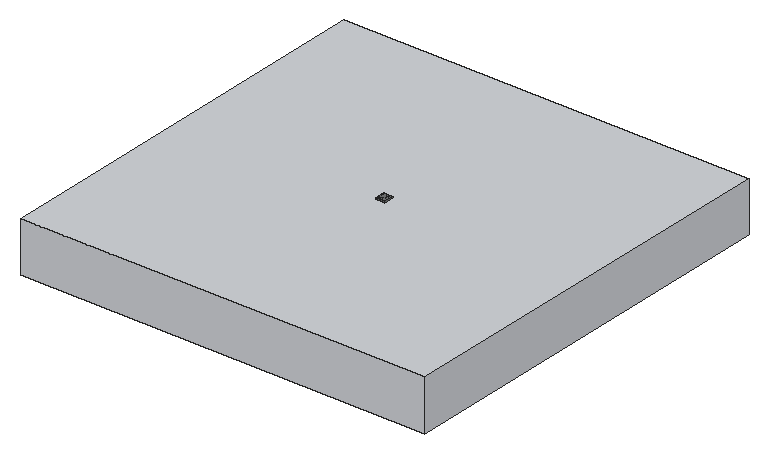
Revit family "Gira_213326", category Elektroinstallationen, Revit 2017
Family settings
  Basisbauteil = Fläche
  Beschriftungsausrichtung beibehalten = Nein
  Bemaßung runder Anschluss = Durchmesser verwenden
  Teiletyp = Normal
  Beim Laden mit Abzugskörper schneiden = Nein
  Gemeinsam genutzt = Nein
  Raumberechnungspunkt = Nein
Parameters
  With label area = no
  With heating = no
  With exchangeable lens/symbol = no
  With DCF77 = no
  Weather station = no
  Utilization = "Switch/push button"
  URL = "https://www.gira.de/"
  Typname = "Rocker set 3-g in.sp. System 55 clear/c.alum."
  Type of fastening = "Clamp mounting"
  Transparent = no
  Surface protection = "Other"
  Surface finishing = "Not applicable"
  Suitable for touch sensor connector for bus system = no
  Suitable for degree of protection (IP) = "IP20"
  Scannable symbol / barrier free = no
  RAL-number (akin) = 9010
  Productwebsite = "http://katalog.gira.de/en/datenblatt.html?artikelnr=213326"
  Other bus systems = "None"
  Number of channels = 3
  Mounting method = "Flush mounted (plaster)"
  Monitoring window/light outlet = yes
  Model = "Single rocker"
  Material quality = "Other"
  Material = "Other"
  Imprint/indication = "Without imprint"
  Hersteller = "Gira"
  Halogen free = yes
  HAN = "213326"
  GTIN = "4010337081364"
  Degree of protection (IP) = "IP20"
  Data sheet = "https://katalog.gira.de/en/download.html?artikelnr=213326"
  Colour = "Aluminium"
  Bus system radio frequent = no
  Bus system Powernet = no
  Bus system LON = no
  Bus system KNX radio = no
  Bus system KNX = yes
  Bus connection included = no
  Beschreibung = "Rock.set 3g in.sp. Sys55 ClCAl,Rocker set, 3-gang with inscription space,System 55,Clear   colour aluminium,Notes :,- Inscribable rocker sets and rocker sets with inscription space can be provided with a customised inscription. The order is processed by the wholesaler specified during the rockers' order process.,- Inscribable rocker sets and rocker sets without inscription space are made of metal, which can lead to impairments to the range in wireless applications.,- Professional labelling with the Gira Inscription Service www.marking.gira.com."
  Keynote = ""
  Default Elevation = 1219.2 mm
  BIM = "https://media.stage.bim.site/public/gira/ad86d9f/Sys55_Abdeckung_Schalten%20und%20Tasten.rfa?public/gira/ad86d9f/Sys55_Abdeckung_Schalten und Tasten.rfa"
  Anthrazit [instance] = Anthrazit
  Analogue input = no
  Acoustic signal = yes
Reference planes
  plane 1 "Center (Front/Back)": y = 0
  plane 2: z = 0
  plane 3 "Center (Left/Right)": x = 0
Forms (mm)
  Extrusion 1, solid
    sketch origin (0, 0, 0) x (1, 0, 0) y (0, 1, 0)
      loop
        line (-1219.2, 1219.2) -> (-1219.2, -1219.2) -> (1219.2, -1219.2) -> (1219.2, 1219.2) -> (-1219.2, 1219.2)
    from 0 to -304.8
  Extrusion 2, solid, material "Anthrazit" <- "Anthrazit", detail levels fine
    sketch origin (0, 0, 0) x (1, 0, 0) y (0, 1, 0)
      loop
        line (-27.5, 27.5) -> (-27.5, -27.5) -> (27.5, -27.5) -> (27.5, 27.5) -> (-27.5, 27.5)
    from 0 to 8
  Extrusion 3, void
    sketch origin (0, 0, 0) x (1, 0, 0) y (0, 1, 0)
      loop
        line (26, 26) -> (-26, 26) -> (-26, -26) -> (26, -26) -> (26, 26)
    from 0 to 6
  Extrusion 4, solid, material "Anthrazit" <- "Anthrazit", detail levels medium
    sketch origin (0, 0, 0) x (1, 0, 0) y (0, 1, 0)
      loop
        line (-27.5, 27.5) -> (-27.5, -27.5) -> (27.5, -27.5) -> (27.5, 27.5) -> (-27.5, 27.5)
    from 0 to 8
  Extrusion 5, solid, material "Anthrazit" <- "Anthrazit", detail levels medium
    sketch origin (0, 0, 0) x (1, 0, 0) y (0, 1, 0)
      loop
        line (11, -17.5) -> (11, 17.5) -> (-11, 17.5) -> (-11, -17.5) -> (11, -17.5)
    from -6 to 6
  Extrusion 6, solid, material "Anthrazit" <- "Anthrazit", detail levels fine
    sketch origin (0, 0, 0) x (1, 0, 0) y (0, 1, 0)
      loop
        line (11, 17.5) -> (-11, 17.5) -> (-11, 16.5) -> (11, 16.5) -> (11, 17.5)
      loop
        line (-11, -16.5) -> (-11, -17.5) -> (11, -17.5) -> (11, -16.5) -> (-11, -16.5)
    from -4 to 6
  Extrusion 7, solid, material "Anthrazit" <- "Anthrazit", detail levels fine
    sketch origin (0, 0, 0) x (1, 0, 0) y (0, 1, 0)
      loop
        arc (5, 9.347) -> (0, 10.6) -> (-5, 9.347) r 10.6
        line (-5, 9.347) -> (-5, -9.347)
        arc (-5, -9.347) -> (0, -10.6) -> (5, -9.347) r 10.6
        line (5, -9.347) -> (5, 9.347)
    from -6 to 6
  Extrusion 8, solid, material "Anthrazit" <- "Anthrazit", detail levels coarse
    sketch origin (0, 0, 0) x (1, 0, 0) y (0, 1, 0)
      loop
        line (-27.5, 27.5) -> (-27.5, -27.5) -> (27.5, -27.5) -> (27.5, 27.5) -> (-27.5, 27.5)
    from -6 to 8
Cuts and joins
  Extrusion 3 cuts Extrusion 2
Dimensions and locks
  aligned and locked: plane 2 to Extrusion 1
  aligned and locked: level to Extrusion 1
